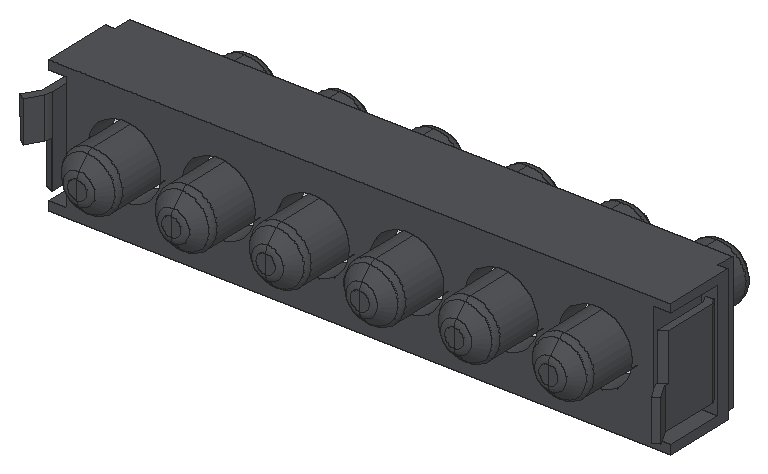
Revit family "ST 6 fibras", category Installations électriques, Revit 2020
Family settings
  Conserver l'orientation des annotations = Non
  Cote de connecteur circulaire = Utiliser le diamètre
  Type d'élément = Normal
  Basée sur le plan de construction = Non
  Toujours verticalement = Oui
  Couper avec des vides une fois chargée = Non
  Partagée = Non
  Point de calcul de pièce = Non
Parameters (values of type "Panel de adaptadores ST 6 fibras multimodal")
  Tipo de la fibra óptica = "Mutlimodal"
  Tipo de conector interno = "ST_DUPLEX"
  Tipo de conector externo = "ST_DUPLEX"
  Temperatura operativa = "-10°C à 60°C"
  Temperatura de almacenamiento = "-10°C à 60°C"
  Profundidad = 38.7 mm
  Número de pieza Legrand = "032127"
  Número de conectores = 6
  Numero RAL = "9017"
  IP = "IP20"
  IK = "IK04"
  Función = "Paneles de interconexión con optical conector Legrand"
  Formulación BIM = "Panel de adaptadores ST 6 fibras multimodal"
  Elévation par défaut = 0 mm
  EAN = "3414970961914"
  E-catalogo enlace = "https://www.legrand.fr/reference/032127/pro"
  Color de los conectores = IDS_NOIR
  Color = IDS_NOIR
  Clasificación ETIM = "EC001130"
  Anchura (mm) = 108.8 mm
  Altura = 23 mm
Types (2, lengths in mm): name | Tipo de la fibra óptica | Número de pieza Legrand | Formulación BIM | EAN | E-catalogo enlace | Color de los conectores
  Panel de adaptadores ST 6 fibras monomodal | "unimodal" | "032117" | "Panel de adaptadores ST 6 fibras monomodal" | "3414970961792" | "https://www.legrand.fr/reference/032117/pro" | IDS_ROUGE
  Panel de adaptadores ST 6 fibras multimodal | "Mutlimodal" | "032127" | "Panel de adaptadores ST 6 fibras multimodal" | "3414970961914" | "https://www.legrand.fr/reference/032127/pro" | IDS_NOIR
Reference planes
  plane 1 "Centre (avant/arrière)": y = 0
  plane 2: z = 0
  plane 3 "Centre (gauche/droite)": x = 0
  plane 4 "Clip bas": z = 4
  plane 5 "Clip haut": z = 19
  plane 6: x = 105.5
  plane 7: x = 52.75
  plane 8: through (0.797, -2.504, 1200) normal (-0.866, 0.5, 0)
  plane 9: z = 12
  plane 10: x = 12.75
  plane 11: x = 28.75
  plane 12: z = 23
  plane 13: x = 44.75
  plane 14: x = 60.75
  plane 15: x = 76.75
  plane 16: x = 92.75
  plane 17: y = -3.5
  plane 18: y = 25.5
  plane 19: y = 11
Forms (mm)
  Extrusion 1, solid, material "IDS_NOIR"
    sketch origin (0, 0, 0) x (1, 0, 0) y (0, 1, 0)
      loop
        line (0, 0) -> (105.5, 0) -> (105.5, 12) -> (103.9, 12) -> (103.9, 15) -> (1.6, 15) -> (1.6, 12) -> (0, 12) -> (0, 0)
    from 0 to 23
  Extrusion 2, void
    sketch origin (0, 0, 0) x (-1, 0, 0) y (0, 0, 1)
      loop
        line (0, 21.5) -> (-3, 21.5) -> (-3, 1.5) -> (0, 1.5) -> (0, 21.5)
      loop
        line (-105.5, 21.5) -> (-105.5, 1.5) -> (-102.5, 1.5) -> (-102.5, 21.5) -> (-105.5, 21.5)
    from 0 to 10
  Extrusion 3, solid, material "IDS_NOIR"
    sketch origin (0, 25.162, 4) x (0, 1, 0) y (-1, 0, 0)
      loop
        line (-29.912, 0.5) -> (-27.374, -0.965)
        arc (-27.374, -0.965) -> (-26.771, -1.215) -> (-26.124, -1.3) r 2.5
        line (-26.124, -1.3) -> (-16.662, -1.3) -> (-15.162, -2.166) -> (-15.162, -0.665) -> (-16.313, 0) -> (-26.446, 0) -> (-29.262, 1.626) -> (-29.912, 0.5)
      loop
        line (-29.912, -106) -> (-29.262, -107.126) -> (-26.446, -105.5) -> (-16.313, -105.5) -> (-15.162, -104.835) -> (-15.162, -103.334) -> (-16.662, -104.2) -> (-26.124, -104.2)
        arc (-26.124, -104.2) -> (-26.771, -104.285) -> (-27.374, -104.535) r 2.5
        line (-27.374, -104.535) -> (-29.912, -106)
    from 0 to 15
  Extrusion 4, void
    sketch origin (0.797, -2.504, 1200) x (0.5, 0.866025, 0) y (0, 0, 1)
      loop
        line (-2.593, -1196) -> (1.407, -1196) -> (1.407, -1188) -> (-2.593, -1188) -> (-2.593, -1196)
    from 0 to -2.615
  Extrusion 5, void
    sketch origin (104.703, -2.504, 1200) x (-0.5, 0.866025, 0) y (0, 0, -1)
      loop
        line (-2.593, 1181) -> (1.407, 1181) -> (1.407, 1189) -> (-2.593, 1189) -> (-2.593, 1181)
    from 0 to -2.615
  Extrusion 6, void
    sketch origin (0, 0, 0) x (-1, 0, 0) y (0, 0, 1)
      loop
        circle (-12.75, 12) r 6.25
      loop
        circle (-28.75, 12) r 6.25
      loop
        circle (-44.75, 12) r 6.25
      loop
        circle (-60.75, 12) r 6.25
      loop
        circle (-76.75, 12) r 6.25
      loop
        circle (-92.75, 12) r 6.25
    from 0 to 15
  Extrusion 7, solid, material "IDS_BLANC"
    sketch origin (-10, 15, 0) x (1, 0, 0) y (0, 0, -1)
      loop
        circle (22.75, -12) r 5.5
      loop
        circle (38.75, -12) r 5.5
      loop
        circle (54.75, -12) r 5.5
      loop
        circle (70.75, -12) r 5.5
      loop
        circle (86.75, -12) r 5.5
      loop
        circle (102.75, -12) r 5.5
    from 0 to -11
  Revolve 8, solid, material "IDS_NOIR" <- "Color de los conectores"
    sketch origin (12.75, -1524, 1.878) x (0, 0, -1) y (0, -1, 0)
      loop
        line (-15.122, -1528) -> (-10.122, -1528) -> (-10.122, -1514) -> (-11.747, -1514)
        arc (-11.747, -1514) -> (-12.321, -1514.114) -> (-12.807, -1514.439) r 1.5
        line (-12.807, -1514.439) -> (-14.682, -1516.315)
        arc (-14.682, -1516.315) -> (-15.008, -1516.801) -> (-15.122, -1517.375) r 1.5
        line (-15.122, -1517.375) -> (-15.122, -1528)
      axis (-10.122, -1514) -> (-10.122, -1528)
    angle from 0 to 360
  Revolve 9, solid, material "IDS_NOIR" <- "Color de los conectores"
    sketch origin (12.75, 1542.962, 1.878) x (0, 0, -1) y (0, -1, 0)
      loop
        line (-15.122, 1527.962) -> (-15.122, 1517.375)
        arc (-15.122, 1517.375) -> (-15.008, 1516.801) -> (-14.682, 1516.315) r 1.5
        line (-14.682, 1516.315) -> (-12.769, 1514.401)
        arc (-12.769, 1514.401) -> (-12.283, 1514.076) -> (-11.709, 1513.962) r 1.5
        line (-11.709, 1513.962) -> (-10.122, 1513.962) -> (-10.122, 1527.962) -> (-15.122, 1527.962)
      axis (-10.122, 1513.962) -> (-10.122, 1527.962)
    angle from 0 to 360
  Revolve 10, solid, material "IDS_NOIR" <- "Color de los conectores"
    sketch origin (28.75, -1524, 1.878) x (0, 0, -1) y (0, -1, 0)
      loop
        line (-15.122, -1528) -> (-10.122, -1528) -> (-10.122, -1514) -> (-11.747, -1514)
        arc (-11.747, -1514) -> (-12.321, -1514.114) -> (-12.807, -1514.439) r 1.5
        line (-12.807, -1514.439) -> (-14.682, -1516.315)
        arc (-14.682, -1516.315) -> (-15.008, -1516.801) -> (-15.122, -1517.375) r 1.5
        line (-15.122, -1517.375) -> (-15.122, -1528)
      axis (-10.122, -1514) -> (-10.122, -1528)
    angle from 0 to 360
  Revolve 11, solid, material "IDS_NOIR" <- "Color de los conectores"
    sketch origin (28.75, 1542.962, 1.878) x (0, 0, -1) y (0, -1, 0)
      loop
        line (-15.122, 1527.962) -> (-15.122, 1517.375)
        arc (-15.122, 1517.375) -> (-15.008, 1516.801) -> (-14.682, 1516.315) r 1.5
        line (-14.682, 1516.315) -> (-12.769, 1514.401)
        arc (-12.769, 1514.401) -> (-12.283, 1514.076) -> (-11.709, 1513.962) r 1.5
        line (-11.709, 1513.962) -> (-10.122, 1513.962) -> (-10.122, 1527.962) -> (-15.122, 1527.962)
      axis (-10.122, 1513.962) -> (-10.122, 1527.962)
    angle from 0 to 360
  Revolve 12, solid, material "IDS_NOIR" <- "Color de los conectores"
    sketch origin (44.75, -1524, 1.878) x (0, 0, -1) y (0, -1, 0)
      loop
        line (-15.122, -1528) -> (-10.122, -1528) -> (-10.122, -1514) -> (-11.747, -1514)
        arc (-11.747, -1514) -> (-12.321, -1514.114) -> (-12.807, -1514.439) r 1.5
        line (-12.807, -1514.439) -> (-14.682, -1516.315)
        arc (-14.682, -1516.315) -> (-15.008, -1516.801) -> (-15.122, -1517.375) r 1.5
        line (-15.122, -1517.375) -> (-15.122, -1528)
      axis (-10.122, -1514) -> (-10.122, -1528)
    angle from 0 to 360
  Revolve 13, solid, material "IDS_NOIR" <- "Color de los conectores"
    sketch origin (44.75, 1542.962, 1.878) x (0, 0, -1) y (0, -1, 0)
      loop
        line (-15.122, 1527.962) -> (-15.122, 1517.375)
        arc (-15.122, 1517.375) -> (-15.008, 1516.801) -> (-14.682, 1516.315) r 1.5
        line (-14.682, 1516.315) -> (-12.769, 1514.401)
        arc (-12.769, 1514.401) -> (-12.283, 1514.076) -> (-11.709, 1513.962) r 1.5
        line (-11.709, 1513.962) -> (-10.122, 1513.962) -> (-10.122, 1527.962) -> (-15.122, 1527.962)
      axis (-10.122, 1513.962) -> (-10.122, 1527.962)
    angle from 0 to 360
  Revolve 14, solid, material "IDS_NOIR" <- "Color de los conectores"
    sketch origin (60.75, -1524, 1.878) x (0, 0, -1) y (0, -1, 0)
      loop
        line (-15.122, -1528) -> (-10.122, -1528) -> (-10.122, -1514) -> (-11.747, -1514)
        arc (-11.747, -1514) -> (-12.321, -1514.114) -> (-12.807, -1514.439) r 1.5
        line (-12.807, -1514.439) -> (-14.682, -1516.315)
        arc (-14.682, -1516.315) -> (-15.008, -1516.801) -> (-15.122, -1517.375) r 1.5
        line (-15.122, -1517.375) -> (-15.122, -1528)
      axis (-10.122, -1514) -> (-10.122, -1528)
    angle from 0 to 360
  Revolve 15, solid, material "IDS_NOIR" <- "Color de los conectores"
    sketch origin (60.75, 1542.962, 1.878) x (0, 0, -1) y (0, -1, 0)
      loop
        line (-15.122, 1527.962) -> (-15.122, 1517.375)
        arc (-15.122, 1517.375) -> (-15.008, 1516.801) -> (-14.682, 1516.315) r 1.5
        line (-14.682, 1516.315) -> (-12.769, 1514.401)
        arc (-12.769, 1514.401) -> (-12.283, 1514.076) -> (-11.709, 1513.962) r 1.5
        line (-11.709, 1513.962) -> (-10.122, 1513.962) -> (-10.122, 1527.962) -> (-15.122, 1527.962)
      axis (-10.122, 1513.962) -> (-10.122, 1527.962)
    angle from 0 to 360
  Revolve 16, solid, material "IDS_NOIR" <- "Color de los conectores"
    sketch origin (76.75, -1524, 1.878) x (0, 0, -1) y (0, -1, 0)
      loop
        line (-15.122, -1528) -> (-10.122, -1528) -> (-10.122, -1514) -> (-11.747, -1514)
        arc (-11.747, -1514) -> (-12.321, -1514.114) -> (-12.807, -1514.439) r 1.5
        line (-12.807, -1514.439) -> (-14.682, -1516.315)
        arc (-14.682, -1516.315) -> (-15.008, -1516.801) -> (-15.122, -1517.375) r 1.5
        line (-15.122, -1517.375) -> (-15.122, -1528)
      axis (-10.122, -1514) -> (-10.122, -1528)
    angle from 0 to 360
  Revolve 17, solid, material "IDS_NOIR" <- "Color de los conectores"
    sketch origin (76.75, 1542.962, 1.878) x (0, 0, -1) y (0, -1, 0)
      loop
        line (-15.122, 1527.962) -> (-15.122, 1517.375)
        arc (-15.122, 1517.375) -> (-15.008, 1516.801) -> (-14.682, 1516.315) r 1.5
        line (-14.682, 1516.315) -> (-12.769, 1514.401)
        arc (-12.769, 1514.401) -> (-12.283, 1514.076) -> (-11.709, 1513.962) r 1.5
        line (-11.709, 1513.962) -> (-10.122, 1513.962) -> (-10.122, 1527.962) -> (-15.122, 1527.962)
      axis (-10.122, 1513.962) -> (-10.122, 1527.962)
    angle from 0 to 360
  Revolve 18, solid, material "IDS_NOIR" <- "Color de los conectores"
    sketch origin (92.75, -1524, 1.878) x (0, 0, -1) y (0, -1, 0)
      loop
        line (-15.122, -1528) -> (-10.122, -1528) -> (-10.122, -1514) -> (-11.747, -1514)
        arc (-11.747, -1514) -> (-12.321, -1514.114) -> (-12.807, -1514.439) r 1.5
        line (-12.807, -1514.439) -> (-14.682, -1516.315)
        arc (-14.682, -1516.315) -> (-15.008, -1516.801) -> (-15.122, -1517.375) r 1.5
        line (-15.122, -1517.375) -> (-15.122, -1528)
      axis (-10.122, -1514) -> (-10.122, -1528)
    angle from 0 to 360
  Revolve 19, solid, material "IDS_NOIR" <- "Color de los conectores"
    sketch origin (92.75, 1542.962, 1.878) x (0, 0, -1) y (0, -1, 0)
      loop
        line (-15.122, 1527.962) -> (-15.122, 1517.375)
        arc (-15.122, 1517.375) -> (-15.008, 1516.801) -> (-14.682, 1516.315) r 1.5
        line (-14.682, 1516.315) -> (-12.769, 1514.401)
        arc (-12.769, 1514.401) -> (-12.283, 1514.076) -> (-11.709, 1513.962) r 1.5
        line (-11.709, 1513.962) -> (-10.122, 1513.962) -> (-10.122, 1527.962) -> (-15.122, 1527.962)
      axis (-10.122, 1513.962) -> (-10.122, 1527.962)
    angle from 0 to 360
Cuts and joins
  Extrusion 2, Extrusion 6 cuts Extrusion 1
  Extrusion 4, Extrusion 5 cuts Extrusion 3
Dimensions and locks
  locked: plane 1 "Centre (avant/arrière)" to Extrusion 1 sketch curve at 15
  locked: Extrusion 1 sketch curve to Extrusion 1 sketch curve at 105.5
  locked: Extrusion 1 sketch curve to Extrusion 1 sketch curve at 1.6  (x2)
  locked: Extrusion 1 sketch curve to Extrusion 1 sketch curve at 12
  locked: Extrusion 2 sketch curve to level at 1.5
  locked: Extrusion 1 to Extrusion 2 sketch curve at 1.5
  locked: Extrusion 2 sketch curve to plane 3 "Centre (gauche/droite)" at 3
  locked: Extrusion 2 sketch curve to Extrusion 1 at 3
  plane 4 "Clip bas" to level = 4 mm
  cut or joined group of Extrusion 1, Extrusion 2, Extrusion 6 to plane 5 "Clip haut" = 4 mm
  locked: Extrusion 3 sketch curve to plane 3 "Centre (gauche/droite)" at 0.5
  locked: Extrusion 3 sketch curve to plane 1 "Centre (avant/arrière)" at 4.75
  locked: plane 3 "Centre (gauche/droite)" to Extrusion 3 sketch curve at 1.3
  plane 1 "Centre (avant/arrière)" to Extrusion 3 sketch curve = 8.5 mm
  equal spacing: plane 3 "Centre (gauche/droite)", plane 7, plane 6, locked at 52.75 each
  locked: Extrusion 3 to Extrusion 4 sketch curve at 4
  locked: Extrusion 3 to Extrusion 4 sketch curve at 8
  cut or joined group of Extrusion 3, Extrusion 4, Extrusion 5 to Extrusion 5 sketch curve = 8 mm
  Extrusion 5 sketch curve to cut or joined group of Extrusion 3, Extrusion 4, Extrusion 5 = 4 mm
  locked: plane 12 to level at 23
  locked: plane 17 to cut or joined group of Extrusion 1, Extrusion 2, Extrusion 6 at 3.5
  locked: plane 18 to cut or joined group of Extrusion 1, Extrusion 2, Extrusion 6 at 10.5
  equal spacing: plane 18, plane 19, plane 17
  locked: plane 10 to plane 3 "Centre (gauche/droite)" at 12.75
  locked: plane 6 to plane 16 at 12.75
  plane 10 to plane 11 to plane 13 to plane 14 to plane 15 to plane 16 = 16 mm locked, 16 mm locked, 16 mm locked, 16 mm locked, 16 mm locked
  plane 9 to level = 12 mm
  Extrusion 7 to Revolve 8 sketch curve = 14 mm
  Revolve 8 sketch curve to Revolve 8 sketch curve = 1.625 mm
  Revolve 8 sketch curve to Revolve 8 sketch curve = 5 mm
  Revolve 9 sketch curve to Revolve 9 sketch curve = 1.587 mm
  Revolve 9 sketch curve to Revolve 9 sketch curve = 5 mm
  Revolve 9 sketch curve to cut or joined group of Extrusion 1, Extrusion 2, Extrusion 6 = 14 mm
  Revolve 10 sketch curve to Revolve 10 sketch curve = 1.625 mm
  Revolve 10 sketch curve to Revolve 10 sketch curve = 5 mm
  Revolve 11 sketch curve to Revolve 11 sketch curve = 1.587 mm
  Revolve 11 sketch curve to Revolve 11 sketch curve = 5 mm
  Revolve 12 sketch curve to Revolve 12 sketch curve = 1.625 mm
  Revolve 12 sketch curve to Revolve 12 sketch curve = 5 mm
  Revolve 13 sketch curve to Revolve 13 sketch curve = 1.587 mm
  Revolve 13 sketch curve to Revolve 13 sketch curve = 5 mm
  Revolve 14 sketch curve to Revolve 14 sketch curve = 1.625 mm
  Revolve 14 sketch curve to Revolve 14 sketch curve = 5 mm
  Revolve 15 sketch curve to Revolve 15 sketch curve = 1.587 mm
  Revolve 15 sketch curve to Revolve 15 sketch curve = 5 mm
  Revolve 16 sketch curve to Revolve 16 sketch curve = 1.625 mm
  Revolve 16 sketch curve to Revolve 16 sketch curve = 5 mm
  Revolve 17 sketch curve to Revolve 17 sketch curve = 1.587 mm
  Revolve 17 sketch curve to Revolve 17 sketch curve = 5 mm
  Revolve 18 sketch curve to Revolve 18 sketch curve = 1.625 mm
  Revolve 18 sketch curve to Revolve 18 sketch curve = 5 mm
  Revolve 19 sketch curve to Revolve 19 sketch curve = 1.587 mm
  Revolve 19 sketch curve to Revolve 19 sketch curve = 5 mm
  radius of Extrusion 7 sketch curve = 5.5 mm
  locked: cut or joined group of Extrusion 1, Extrusion 2, Extrusion 6 to Extrusion 3 sketch curve (angle 60.00°)
  angle Revolve 8 sketch curve to Revolve 8 sketch curve = 45.00°
  angle Revolve 9 sketch curve to Revolve 9 sketch curve = 45.00°
  angle Revolve 10 sketch curve to Revolve 10 sketch curve = 45.00°
  angle Revolve 11 sketch curve to Revolve 11 sketch curve = 45.00°
  angle Revolve 12 sketch curve to Revolve 12 sketch curve = 45.00°
  angle Revolve 13 sketch curve to Revolve 13 sketch curve = 45.00°
  angle Revolve 14 sketch curve to Revolve 14 sketch curve = 45.00°
  angle Revolve 15 sketch curve to Revolve 15 sketch curve = 45.00°
  angle Revolve 16 sketch curve to Revolve 16 sketch curve = 45.00°
  angle Revolve 17 sketch curve to Revolve 17 sketch curve = 45.00°
  angle Revolve 18 sketch curve to Revolve 18 sketch curve = 45.00°
  angle Revolve 19 sketch curve to Revolve 19 sketch curve = 45.00°
  aligned and locked: level to plane 2
  aligned and locked: plane 5 "Clip haut" to Extrusion 3
  aligned and locked: Extrusion 3 to plane 4 "Clip bas"
  aligned and locked: plane 6 to cut or joined group of Extrusion 1, Extrusion 2, Extrusion 6
  aligned and locked: Extrusion 4 sketch curve to Extrusion 3
  aligned and locked: Extrusion 3 to Extrusion 4 sketch curve
  aligned and locked: plane 8 to Extrusion 3
  aligned and locked: Extrusion 5 sketch curve to cut or joined group of Extrusion 3, Extrusion 4, Extrusion 5
  aligned and locked: plane 12 to cut or joined group of Extrusion 1, Extrusion 2, Extrusion 6
  aligned and locked: Extrusion 2 sketch curve to Extrusion 2 sketch curve  (x2)
  aligned and locked: cut or joined group of Extrusion 1, Extrusion 2, Extrusion 6 to Extrusion 6
  aligned and locked: Revolve 9 sketch curve to Revolve 9 sketch curve
  aligned and locked: Revolve 11 sketch curve to Revolve 11 sketch curve
  aligned and locked: Revolve 13 sketch curve to Revolve 13 sketch curve
  aligned and locked: Revolve 15 sketch curve to Revolve 15 sketch curve
  aligned and locked: Revolve 17 sketch curve to Revolve 17 sketch curve
  aligned and locked: Revolve 19 sketch curve to Revolve 19 sketch curve
Automatic sketch dimensions
  plane 1 "Centre (avant/arrière)" to Extrusion 1 sketch curve = 0 mm
  Extrusion 1 sketch curve to plane 3 "Centre (gauche/droite)" = 0 mm
  plane 19 to Extrusion 1 sketch curve = 1 mm
  plane 6 to Extrusion 2 sketch curve = 0 mm
  Extrusion 2 sketch curve to plane 3 "Centre (gauche/droite)" = 0 mm
  Extrusion 3 sketch curve to plane 6 = 0 mm
  Extrusion 3 sketch curve to plane 3 "Centre (gauche/droite)" = 0 mm
  Extrusion 3 sketch curve to plane 17 = 1.25 mm
  Extrusion 3 sketch curve to plane 17 = 0.6 mm  (x2)
  plane 3 "Centre (gauche/droite)" to Extrusion 3 sketch curve = 0.965 mm
  plane 17 to Extrusion 3 sketch curve = 1.288 mm
  plane 1 "Centre (avant/arrière)" to Extrusion 3 sketch curve = 1.284 mm
  plane 1 "Centre (avant/arrière)" to Extrusion 3 sketch curve = 0.962 mm  (x2)
  Extrusion 3 sketch curve to plane 19 = 2.5 mm
  Extrusion 3 sketch curve to Extrusion 3 sketch curve = 0.348 mm  (x2)
  Extrusion 3 sketch curve to plane 19 = 1 mm  (x2)
  Extrusion 3 sketch curve to plane 6 = 0.5 mm
  Extrusion 3 sketch curve to plane 6 = 1.2 mm
  plane 6 to Extrusion 3 sketch curve = 0.665 mm
  Extrusion 3 sketch curve to Extrusion 3 sketch curve = 1.501 mm
  Extrusion 3 sketch curve to Extrusion 3 sketch curve = 0.866 mm
  plane 3 "Centre (gauche/droite)" to Extrusion 3 sketch curve = 0.665 mm
  Extrusion 5 sketch curve to Extrusion 5 sketch curve = 4 mm
  Extrusion 6 sketch curve to plane 9 = 0 mm  (x6)
  Extrusion 6 sketch curve to plane 16 = 0 mm
  plane 15 to Extrusion 6 sketch curve = 0 mm
  plane 14 to Extrusion 6 sketch curve = 0 mm
  plane 13 to Extrusion 6 sketch curve = 0 mm
  plane 11 to Extrusion 6 sketch curve = 0 mm
  plane 10 to Extrusion 6 sketch curve = 0 mm
  Extrusion 7 sketch curve to Extrusion 1 = 11.15 mm
  Extrusion 7 sketch curve to Extrusion 7 sketch curve = 16 mm  (x4)
  Extrusion 1 to Extrusion 7 sketch curve = 11.15 mm
  Extrusion 1 to Extrusion 7 sketch curve = 11 mm  (x6)
  Revolve 8 sketch curve to plane 9 = 0 mm  (x2)
  Revolve 8 sketch curve to Revolve 8 sketch curve = 0.439 mm  (x2)
  Revolve 8 sketch curve to Revolve 8 sketch curve = 1.061 mm
  Revolve 8 sketch curve to plane 1 "Centre (avant/arrière)" = 4 mm
  Revolve 8 sketch curve to Revolve 8 sketch curve = 0 mm  (x2)
  Revolve 9 sketch curve to plane 9 = 0 mm  (x2)
  Revolve 9 sketch curve to Revolve 9 sketch curve = 0.439 mm  (x2)
  Revolve 9 sketch curve to Revolve 9 sketch curve = 1.061 mm
  plane 19 to Revolve 9 sketch curve = 4 mm
  Revolve 9 sketch curve to Revolve 9 sketch curve = 0.038 mm
  Revolve 10 sketch curve to plane 9 = 0 mm  (x2)
  Revolve 10 sketch curve to Revolve 10 sketch curve = 0.439 mm
  Revolve 10 sketch curve to Revolve 10 sketch curve = 1.061 mm  (x2)
  Revolve 10 sketch curve to plane 1 "Centre (avant/arrière)" = 4 mm
  Revolve 10 sketch curve to plane 17 = 3.125 mm
  Revolve 10 sketch curve to Revolve 10 sketch curve = 0 mm  (x2)
  Revolve 11 sketch curve to plane 9 = 0 mm  (x2)
  plane 18 to Revolve 11 sketch curve = 1.148 mm
  Revolve 11 sketch curve to Revolve 11 sketch curve = 0.439 mm  (x2)
  Revolve 11 sketch curve to Revolve 11 sketch curve = 1.061 mm
  plane 19 to Revolve 11 sketch curve = 4 mm
  Revolve 11 sketch curve to Revolve 11 sketch curve = 0.038 mm
  Revolve 12 sketch curve to plane 9 = 0 mm  (x2)
  Revolve 12 sketch curve to Revolve 12 sketch curve = 0.439 mm
  Revolve 12 sketch curve to Revolve 12 sketch curve = 1.061 mm  (x2)
  Revolve 12 sketch curve to plane 1 "Centre (avant/arrière)" = 4 mm
  Revolve 12 sketch curve to plane 17 = 3.125 mm
  Revolve 12 sketch curve to Revolve 12 sketch curve = 0 mm  (x2)
  Revolve 13 sketch curve to plane 9 = 0 mm  (x2)
  plane 18 to Revolve 13 sketch curve = 1.148 mm
  Revolve 13 sketch curve to Revolve 13 sketch curve = 0.439 mm  (x2)
  Revolve 13 sketch curve to Revolve 13 sketch curve = 1.061 mm
  plane 19 to Revolve 13 sketch curve = 4 mm
  Revolve 13 sketch curve to Revolve 13 sketch curve = 0.038 mm
  Revolve 14 sketch curve to plane 9 = 0 mm  (x2)
  Revolve 14 sketch curve to Revolve 14 sketch curve = 0.439 mm
  Revolve 14 sketch curve to Revolve 14 sketch curve = 1.061 mm  (x2)
  Revolve 14 sketch curve to plane 1 "Centre (avant/arrière)" = 4 mm
  Revolve 14 sketch curve to plane 17 = 3.125 mm
  Revolve 14 sketch curve to Revolve 14 sketch curve = 0 mm  (x2)
  Revolve 15 sketch curve to plane 9 = 0 mm  (x2)
  plane 18 to Revolve 15 sketch curve = 1.148 mm
  Revolve 15 sketch curve to Revolve 15 sketch curve = 0.439 mm  (x2)
  Revolve 15 sketch curve to Revolve 15 sketch curve = 1.061 mm
  plane 19 to Revolve 15 sketch curve = 4 mm
  Revolve 15 sketch curve to Revolve 15 sketch curve = 0.038 mm
  Revolve 16 sketch curve to plane 9 = 0 mm  (x2)
  Revolve 16 sketch curve to Revolve 16 sketch curve = 0.439 mm
  Revolve 16 sketch curve to Revolve 16 sketch curve = 1.061 mm  (x2)
  Revolve 16 sketch curve to plane 1 "Centre (avant/arrière)" = 4 mm
  Revolve 16 sketch curve to plane 17 = 3.125 mm
  Revolve 16 sketch curve to Revolve 16 sketch curve = 0 mm  (x2)
  Revolve 17 sketch curve to plane 9 = 0 mm  (x2)
  plane 18 to Revolve 17 sketch curve = 1.148 mm
  Revolve 17 sketch curve to Revolve 17 sketch curve = 0.439 mm  (x2)
  Revolve 17 sketch curve to Revolve 17 sketch curve = 1.061 mm
  plane 19 to Revolve 17 sketch curve = 4 mm
  Revolve 17 sketch curve to Revolve 17 sketch curve = 0.038 mm
  Revolve 18 sketch curve to plane 9 = 0 mm  (x2)
  Revolve 18 sketch curve to Revolve 18 sketch curve = 0.439 mm
  Revolve 18 sketch curve to Revolve 18 sketch curve = 1.061 mm  (x2)
  Revolve 18 sketch curve to plane 1 "Centre (avant/arrière)" = 4 mm
  Revolve 18 sketch curve to plane 17 = 3.125 mm
  Revolve 18 sketch curve to Revolve 18 sketch curve = 0 mm  (x2)
  Revolve 19 sketch curve to plane 9 = 0 mm  (x2)
  plane 18 to Revolve 19 sketch curve = 1.148 mm
  Revolve 19 sketch curve to Revolve 19 sketch curve = 0.439 mm  (x2)
  Revolve 19 sketch curve to Revolve 19 sketch curve = 1.061 mm
  plane 19 to Revolve 19 sketch curve = 4 mm
  Revolve 19 sketch curve to Revolve 19 sketch curve = 0.038 mm
  radius of Extrusion 6 sketch curve = 6.25 mm  (x6)
  radius of Extrusion 7 sketch curve = 5.5 mm  (x5)
